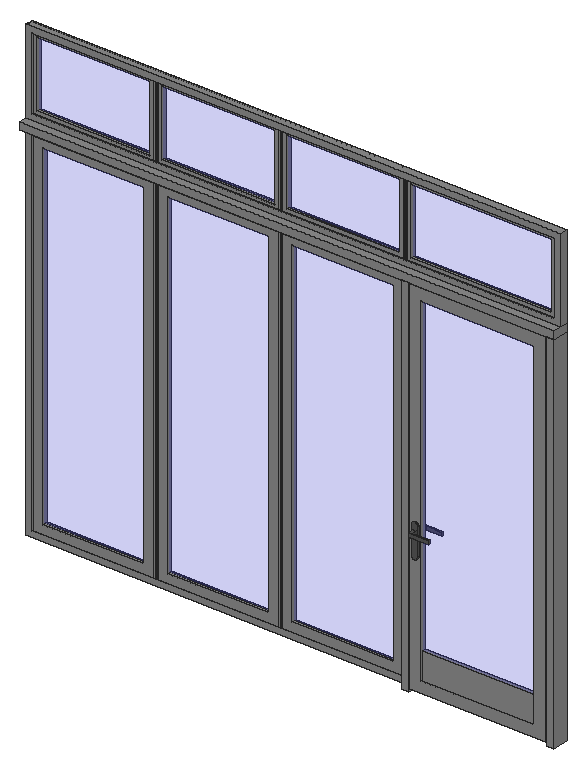
Revit family "Door_Swing Door_The Sliding Door Company_Single Door with Column Beam & Transom_3 Fixed Panel", category Doors, host Wall, Revit 2019 (continued)
Definition of nested family "SD Single Door Plan Swing"
  Parameters (values of type "SD Single Door Plan Swing")
    Swing Angle [instance] = 45.00°
    Actual Angle [instance] = if(Swing Angle < 1.00°, 1.00°, Swing Angle)  # 45.00°
  Reference planes (in)
    plane 1 "Center (Front/Back)": y = 0
    plane 2: z = 0
    plane 3 "Center (Left/Right)": x = 0
    plane 4: x = -39.2509882
  Lines and regions (in)
    Masking region 1
      outline origin (0, 0, 0) x (1, 0, 0) y (0, 1, 0)
        loop
          line (-28.6385234, 26.8707565) -> (-0.8838835, -0.8838835) -> (0, 0) -> (-27.7546399, 27.7546399) -> (-28.6385234, 26.8707565)
    reference lines
      curve 1: line (0, 0, 0) -> (-27.7546399, 27.7546399, 0)
      curve 2: line (-27.7546399, 27.7546399, 0) -> (-28.6385234, 26.8707565, 0)
      curve 3: line (-28.6385234, 26.8707565, 0) -> (-0.8838835, -0.8838835, 0)
      curve 4: line (-0.8838835, -0.8838835, 0) -> (0, 0, 0)
    symbolic lines
      curve 5: arc (-39.2509882, 0, 0) -> (-36.2631846, 15.0207029, 0) -> (-27.7546399, 27.7546399, 0) r 39.2509882
  Dimensions and locks (in)
    "Width": plane 4 to plane 3 "Center (Left/Right)"
    "Width": curve 1 to curve 1
    "Thickness": curve 1 to curve 3
    "Width": radius of curve 5
    "Actual Angle": angle curve 1 to plane 1 "Center (Front/Back)"
    locked: curve 1 to curve 4 (angle 90.00°)
    locked: curve 4 to curve 3 (angle 90.00°)
    locked: curve 3 to curve 2 (angle 90.00°)
    "Actual Angle": angle curve 5 to curve 5
    aligned and locked: plane 2 to level
    aligned and locked: plane 1 "Center (Front/Back)" to curve 1
    aligned and locked: plane 3 "Center (Left/Right)" to curve 1
    aligned and locked: Masking region 1 sketch curve to curve 3
    aligned and locked: Masking region 1 sketch curve to curve 2
    aligned and locked: Masking region 1 sketch curve to curve 4
    aligned and locked: Masking region 1 sketch curve to curve 1
    aligned and locked: plane 3 "Center (Left/Right)" to curve 5
    aligned and locked: plane 1 "Center (Front/Back)" to curve 5  (x2)
